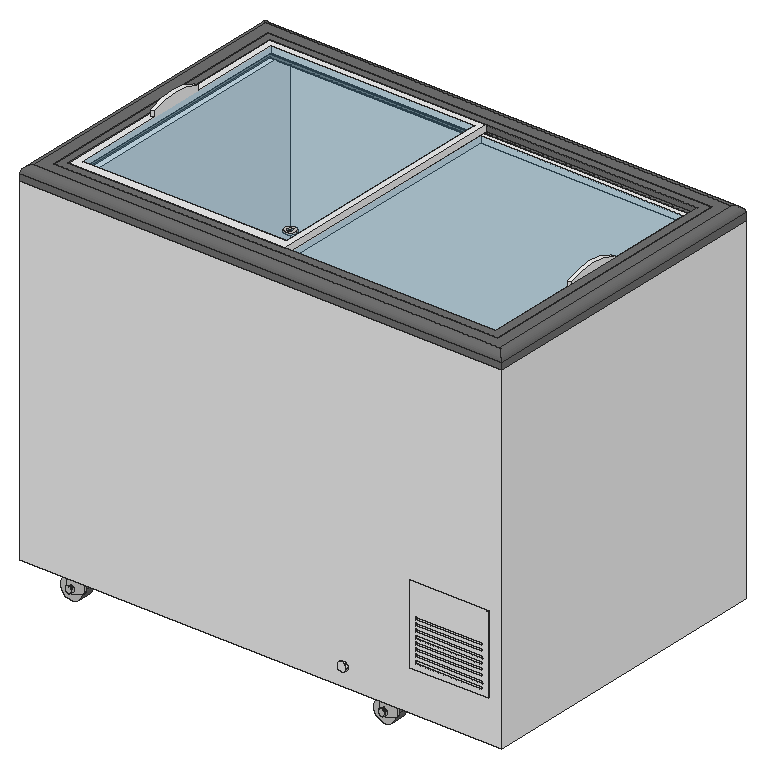
Revit family "Qf_Summit_NOVA35_11.7 Cu.Ft. Chest Freezer", category Specialty Equipment, Revit 2020
Family settings
  Round Connector Dimension = Use Diameter
  Part Type = Normal
  Work Plane-Based = No
  Always vertical = Yes
  Cut with Voids When Loaded = No
  Shared = No
  Room Calculation Point = No
Parameters
  Weight in Pounds = 132
  Watts = FL Amps * Volts  # 828 W
  Volts = 115 V
  URL Cutsheet = ""
  Specification by User = ""
  Specification by Manufacturer = ""
  Show Clearance [instance] = yes
  Serial Number = ""
  Seismic Rating = ""
  SMACNA No = ""
  Revision Code = ""
  Refrigerant Volume = 0.00 kip
  Refrigerant Type = "R290a"
  Phase = 1
  Number of Poles = 1
  NAFEM Spec ID Number = ""
  Model = "NOVA35"
  Min Ckt Ampacity = 0 A
  Max Overcurrent Protection = 0 A
  Masterspec = ""
  Manufacturer = "Summit"
  Length = 43"
  Item Number = ""
  Installed By = ""
  Identify Quantity as Lot = yes
  Height = 34 1/4"
  HP = ""
  Furnished By = ""
  Foodservice Equipment Identifier = yes
  FL Amps = 7.2 A
  Electrical Remarks = ""
  Electric Connection Type = ""
  Elec Conn RI Height = 0"
  Elec Conn Connection Height = 0"
  Description = "11.7 Cu.Ft. Chest Freezer"
  Depth = 27 1/4"
  Default Elevation = 0"
  Cycle = 60 Hz
  Conn Plug = ""
  Conn Conduit = yes
  CSI MasterFormat = ""
  Apparent Power = 828 VA
Reference planes (in)
  plane 1: z = 0
  plane 2 "LEFT": x = 0
  plane 3 "RIGHT": x = 43
  plane 4 "FRONT": y = -28
  plane 5 "TOP": z = 34.25
  plane 6 "Center Y": x = 21.5
  plane 7 "Center X": y = -14.375
  plane 8 "BACK": y = -0.75
  plane 9: z = 2.75
  plane 10: x = 0.75
  plane 11: x = 3.71343
  plane 12: x = 31.6875
  plane 13: x = 39.825
  plane 14: x = 31.95
  plane 15: x = 32
  plane 16: z = 5.87258
  plane 17: z = 15.62258
  plane 18: x = 3.125
  plane 19: x = 39.875
Forms (in)
  Sweep 1, solid, material "QF_Plastic_Dark_Grey"
    path origin (0, 0, 0) x (1, 0, 0) y (0, 1, 0)
      loop
        line (0, -0.75) -> (0, -28) -> (43, -28) -> (43, -0.75) -> (0, -0.75)
    profile origin (0, -14.375, 0) x (1, 0, 0) y (0, 0, 1)
      loop
        line (0, 33) -> (1.7, 33) -> (1.7, 34.25) -> (0.75, 34.25) -> (0.67874, 34.25)
        arc (0.67874, 34.25) -> (0.1988, 34.0512) -> (0, 33.57126) r 0.67874
        line (0, 33.57126) -> (0, 33)
  Extrusion 2, solid, material "QF_Metallic_Paint_White_Smooth"
    sketch origin (0, 0, 0) x (1, 0, 0) y (0, 1, 0)
      loop
        line (3.125, -27) -> (39.875, -27) -> (39.875, -1.75) -> (3.125, -1.75) -> (3.125, -27)
      loop
        line (43, -0.75) -> (0, -0.75) -> (0, -28) -> (43, -28) -> (43, -0.75)
    from 2.75 to 33
  Extrusion 3, solid, material "QF_Metallic_Paint_White_Smooth"
    sketch origin (0, 0, 0) x (1, 0, 0) y (0, 1, 0)
      loop
        line (2.4, -3.15) -> (2.4, -25.6) -> (21.75, -25.6) -> (21.75, -3.15) -> (2.4, -3.15)
      loop
        line (3.075, -3.8) -> (3.075, -24.8) -> (21.25, -24.8) -> (21.25, -3.8) -> (3.075, -3.8)
    from 33.70906 to 34.25
  Extrusion 4, solid, material "Glass"
    sketch origin (0, 0, 0) x (1, 0, 0) y (0, 1, 0)
      loop
        line (3.075, -3.8) -> (3.075, -24.8) -> (21.25, -24.8) -> (21.25, -3.8) -> (3.075, -3.8)
    from 33.63932 to 34.25
  Extrusion 5, solid, material "QF_Metallic_Paint_White_Smooth"
    sketch origin (0, -0.75, 0) x (1, 0, 0) y (0, 0, 1)
      loop
        line (1, 5.63) -> (1, 2.75) -> (42, 2.75) -> (42, 15.62258) -> (32, 15.62258) -> (32, 5.63) -> (1, 5.63)
    from 1 to 26.25
  Sweep 6, solid, material "QF_Plastic_Dark_Grey"
    path origin (30, 0, 34.27864) x (-1, 0, 0) y (0, -1, 0)
      loop
        line (27.7, 3.05) -> (27.7, 25.7) -> (-10.7, 25.7) -> (-10.7, 3.05) -> (27.7, 3.05)
    profile origin (21.5, -3.05, 34.27864) x (0, 1, 0) y (0, 0, 1)
      loop
        line (-0.1, -0.02864) -> (-0.1, -0.56958) -> (-0.33757, -0.56958) -> (-0.33757, -0.63932) -> (-0.1, -0.63932) -> (-0.1, -1.18026) -> (-0.33757, -1.18026) -> (-0.33757, -1.27864) -> (0.6, -1.27864) -> (0.6, -0.02864) -> (-0.1, -0.02864)
  Extrusion 7, solid, material "QF_Metallic_Paint_White_Smooth"
    sketch origin (30, 0, -0.61068) x (-1, 0, 0) y (0, -1, 0)
      loop
        line (-10.6, 3.15) -> (8.75, 3.15) -> (8.75, 25.45) -> (-10.6, 25.45) -> (-10.6, 3.15)
      loop
        line (-9.925, 3.8) -> (8.25, 3.8) -> (8.25, 24.8) -> (-9.925, 24.8) -> (-9.925, 3.8)
    from 33.70906 to 34.25
  Extrusion 8, solid, material "Glass"
    sketch origin (30, 0, -0.61068) x (-1, 0, 0) y (0, -1, 0)
      loop
        line (-9.925, 3.8) -> (8.25, 3.8) -> (8.25, 24.8) -> (-9.925, 24.8) -> (-9.925, 3.8)
    from 33.70906 to 34.25
  Extrusion 9, solid, material "QF_Metallic_Paint_White_Smooth"
    sketch origin (23.88, 0, 0) x (0, 1, 0) y (0, 0, 1)
      loop
        line (-16.73455, 34.25) -> (-12.01545, 34.25) -> (-12.01545, 34.75)
        arc (-12.01545, 34.75) -> (-14.375, 35.25) -> (-16.73455, 34.75) r 5.8175
        line (-16.73455, 34.75) -> (-16.73455, 34.25)
    from -21.16873 to -20.805
  Extrusion 10, solid, material "QF_Metallic_Paint_White_Smooth"
    sketch origin (6.12, 0, -0.61068) x (0, 1, 0) y (0, 0, -1)
      loop
        line (-16.73455, -34.25) -> (-16.73455, -34.75)
        arc (-16.73455, -34.75) -> (-14.375, -35.25) -> (-12.01545, -34.75) r 5.8175
        line (-12.01545, -34.75) -> (-12.01545, -34.25) -> (-16.73455, -34.25)
    from -34.16873 to -33.805
  Extrusion 11, solid, material "QF_Metallic_Paint_White_Smooth"
    sketch origin (0, -28, 0) x (1, 0, 0) y (0, 0, 1)
      loop
        line (34.875, 13.375) -> (34.875, 6.375) -> (41.875, 6.375) -> (41.875, 13.375) -> (34.875, 13.375)
      loop
        line (35.375, 10.625) -> (35.375, 10.375) -> (41.375, 10.375) -> (41.375, 10.625) -> (35.375, 10.625)
      loop
        line (41.375, 10.125) -> (35.375, 10.125) -> (35.375, 9.875) -> (41.375, 9.875) -> (41.375, 10.125)
      loop
        line (35.375, 9.625) -> (35.375, 9.375) -> (41.375, 9.375) -> (41.375, 9.625) -> (35.375, 9.625)
      loop
        line (41.375, 9.125) -> (35.375, 9.125) -> (35.375, 8.875) -> (41.375, 8.875) -> (41.375, 9.125)
      loop
        line (35.375, 8.625) -> (35.375, 8.375) -> (41.375, 8.375) -> (41.375, 8.625) -> (35.375, 8.625)
      loop
        line (41.375, 8.125) -> (35.375, 8.125) -> (35.375, 7.875) -> (41.375, 7.875) -> (41.375, 8.125)
      loop
        line (35.375, 7.625) -> (35.375, 7.375) -> (41.375, 7.375) -> (41.375, 7.625) -> (35.375, 7.625)
      loop
        line (41.375, 7.125) -> (35.375, 7.125) -> (35.375, 6.875) -> (41.375, 6.875) -> (41.375, 7.125)
    from 0 to 0.03125
  Extrusion 12, solid, material "QF_Metallic_Paint_White_Smooth"
    sketch origin (0, -0.75, 0) x (1, 0, 0) y (0, 0, 1)
      loop
        circle (40, 5.375) r 0.25
    from 0 to -0.23344
  Extrusion 13, solid, material "QF_Metallic_Paint_White_Smooth"
    sketch origin (0, -28, 0) x (1, 0, 0) y (0, 0, 1)
      loop
        circle (28.875, 4.375) r 0.40028
    from 0 to 0.15886
  Extrusion 14, solid, material "QF_Metal - Stainless - Polished"
    sketch origin (0.07561, 0.09001, 34.25) x (1, 0, 0) y (0, 1, 0)
      loop
        circle (20.42439, -23.52751) r 0.5
      loop
        circle (20.42439, -23.52751) r 0.25
      loop
        arc (20.45564, -23.57767) -> (20.42439, -23.46841) -> (20.39314, -23.57767) r 0.0591
        line (20.39314, -23.57767) -> (20.39314, -23.72445)
        arc (20.39314, -23.72445) -> (20.42439, -23.7557) -> (20.45564, -23.72445) r 0.03125
        line (20.45564, -23.72445) -> (20.45564, -23.57767)
    from 0.04239 to -0.05358
Cuts and joins
  joined: Extrusion 2, Extrusion 5, Extrusion 11, Extrusion 12
  joined: Extrusion 3, Extrusion 9
  joined: Extrusion 7, Extrusion 10
Lines and regions (in)
  Split face 1
    outline origin (34.875, -28.03125, 13.375) x (-1, 0, 0) y (0, 0, -1)
      loop
        arc (-2, 1.7125) -> (-2.02929, 1.78321) -> (-2.1, 1.8125) r 0.1
        line (-2.1, 1.8125) -> (-4.9, 1.8125)
        arc (-4.9, 1.8125) -> (-4.97071, 1.78321) -> (-5, 1.7125) r 0.1
        line (-5, 1.7125) -> (-5, 0.6)
        arc (-5, 0.6) -> (-4.97071, 0.52929) -> (-4.9, 0.5) r 0.1
        line (-4.9, 0.5) -> (-2.1, 0.5)
        arc (-2.1, 0.5) -> (-2.02929, 0.52929) -> (-2, 0.6) r 0.1
        line (-2, 0.6) -> (-2, 1.7125)
  Split face 2
    outline origin (34.875, -28.03125, 13.375) x (-1, 0, 0) y (0, 0, -1)
      loop
        line (-2.625, 0.6875) -> (-2.625, 1.375) -> (-4.374, 1.375) -> (-4.374, 0.6875) -> (-2.625, 0.6875)
  Split face 3
    outline origin (34.875, -28.03125, 13.375) x (-1, 0, 0) y (0, 0, -1)
      loop
        arc (-2.4061, 0.67406) -> (-2.3125, 0.54855) -> (-2.2189, 0.67406) r 0.09766
        arc (-2.2189, 0.67406) -> (-2.24545, 0.75668) -> (-2.26367, 0.84152) r 0.87424
        line (-2.26367, 0.84152) -> (-2.26974, 0.93917) -> (-2.35526, 0.93917) -> (-2.36133, 0.84152)
        arc (-2.36133, 0.84152) -> (-2.37955, 0.75668) -> (-2.4061, 0.67406) r 0.87424
  Split face 4
    outline origin (34.875, -28.03125, 13.375) x (-1, 0, 0) y (0, 0, -1)
      loop
        line (-4.59026, 0.82885) -> (-4.6875, 0.81322) -> (-4.78474, 0.82885) -> (-4.6875, 0.66041) -> (-4.59026, 0.82885)
  Split face 5
    outline origin (34.875, -28.03125, 13.375) x (-1, 0, 0) y (0, 0, -1)
      loop
        line (-4.6875, 1.09273) -> (-4.59026, 1.07711) -> (-4.6875, 1.24554) -> (-4.78474, 1.07711) -> (-4.6875, 1.09273)
  Split face 6
    outline origin (34.875, -28.03125, 13.375) x (-1, 0, 0) y (0, 0, -1)
      loop
        arc (-4.67187, 1.54954) -> (-4.6875, 1.73573) -> (-4.70312, 1.54954) r 0.09375
        line (-4.70312, 1.54954) -> (-4.70312, 1.48913) -> (-4.67187, 1.48913) -> (-4.67187, 1.54954)
  symbolic lines
    curve 1: line (0, -0.75, 0) -> (43, -0.75, 0)
    curve 2: line (0, -28, 0) -> (0, -0.75, 0)
    curve 3: line (43, -28, 0) -> (0, -28, 0)
    curve 4: line (43, -0.75, 0) -> (43, -28, 0)
    curve 5: line (41.3, -26.3, 0) -> (41.3, -2.45, 0)
    curve 6: line (1.7, -26.3, 0) -> (41.3, -26.3, 0)
    curve 7: line (1.7, -2.45, 0) -> (1.7, -26.3, 0)
    curve 8: line (41.3, -2.45, 0) -> (1.7, -2.45, 0)
    curve 9: line (41.3, -26.3, 0) -> (41.3, -2.45, 0)
    curve 10: line (39.925, -3.8, 0) -> (21.75, -3.8, 0)
    curve 11: line (3.075, -3.8, 0) -> (3.075, -24.8, 0)
    curve 12: line (3.075, -24.8, 0) -> (21.25, -24.8, 0)
    curve 13: line (39.925, -24.8, 0) -> (39.925, -3.8, 0)
    curve 14: line (21.75, -25.6, 0) -> (21.75, -3.15, 0)
    curve 15: line (21.25, -24.8, 0) -> (21.25, -3.8, 0)
    curve 16: line (2.4, -3.15, 0) -> (2.4, -25.6, 0)
    curve 17: line (2.4, -25.6, 0) -> (40.6, -25.6, 0)
    curve 18: line (40.6, -25.6, 0) -> (40.6, -3.15, 0)
    curve 19: line (40.6, -3.15, 0) -> (2.4, -3.15, 0)
    curve 20: arc (21, -23.4375, 0) -> (20.5, -22.9375, 0) -> (20, -23.4375, 0) r 0.5
    curve 21: arc (20.25, -23.4375, 0) -> (20.5, -23.1875, 0) -> (20.75, -23.4375, 0) r 0.25
    curve 22: arc (20, -23.4375, 0) -> (20.5, -23.9375, 0) -> (21, -23.4375, 0) r 0.5
    curve 23: arc (20.75, -23.4375, 0) -> (20.5, -23.6875, 0) -> (20.25, -23.4375, 0) r 0.25
    curve 24: line (20.46875, -23.48766, 0) -> (20.46875, -23.63444, 0)
    curve 25: arc (20.46875, -23.63444, 0) -> (20.5, -23.66569, 0) -> (20.53125, -23.63444, 0) r 0.03125
    curve 26: line (20.53125, -23.63444, 0) -> (20.53125, -23.48766, 0)
    curve 27: arc (20.53125, -23.48766, 0) -> (20.5, -23.3784, 0) -> (20.46875, -23.48766, 0) r 0.0591
    curve 28: line (40.28873, -12.01545, 0) -> (39.925, -12.01545, 0)
    curve 29: line (39.925, -12.01545, 0) -> (39.925, -16.73455, 0)
    curve 30: line (39.925, -16.73455, 0) -> (40.28873, -16.73455, 0)
    curve 31: line (2.71127, -12.01545, 0) -> (2.71127, -16.73455, 0)
    curve 32: line (2.71127, -16.73455, 0) -> (3.075, -16.73455, 0)
    curve 33: line (3.075, -16.73455, 0) -> (3.075, -12.01545, 0)
    curve 34: line (3.075, -12.01545, 0) -> (2.71127, -12.01545, 0)
    curve 35: line (42, -1.75, 0) -> (1, -1.75, 0)
    curve 36: line (1, -1.75, 0) -> (1, -27, 0)
    curve 37: line (1, -27, 0) -> (42, -27, 0)
    curve 38: line (42, -1.75, 0) -> (42, -27, 0)
    curve 39: line (21.25, -3.8, 0) -> (3.075, -3.8, 0)
    curve 40: line (21.75, -24.8, 0) -> (39.925, -24.8, 0)
    curve 41: line (40.28873, -12.01545, 0) -> (40.28873, -16.73455, 0)
    curve 42: line (32, -3.8, 0) -> (32, -24.8, 0)
Dimensions and locks (in)
  equal spacing: plane 2 "LEFT", plane 6 "Center Y", plane 3 "RIGHT"
  "Length": plane 2 "LEFT" to plane 3 "RIGHT"
  equal spacing: plane 4 "FRONT", plane 7 "Center X", plane 8 "BACK"
  "Height": plane 5 "TOP" to level
  plane 3 "RIGHT" to plane 2 "LEFT" = 43"
  plane 5 "TOP" to level = 34 1/4"  (x2)
  "Depth": plane 4 "FRONT" to plane 8 "BACK"
  plane 9 to level = 2 3/4"
  locked: plane 11 to plane 2 "LEFT" at 3.71343
  locked: plane 3 "RIGHT" to plane 12 at 11.3125
  curve 39 to curve 12 = 21"
  plane 5 "TOP" to cut or joined group of Extrusion 2, Extrusion 5, Extrusion 11, Extrusion 12 = 31 1/2"
  Extrusion 2 sketch curve to plane 3 "RIGHT" = 3 1/8"
  Extrusion 5 sketch curve to plane 13 = 7.825"
  locked: Extrusion 5 sketch curve to plane 3 "RIGHT" at 1
  locked: Sweep 6 sketch curve to plane 3 "RIGHT" at 2.3
  Extrusion 3 sketch curve to plane 6 "Center Y" to Extrusion 3 sketch curve = 1/4" locked, 1/4" locked
  cut or joined group of Extrusion 7, Extrusion 10 to cut or joined group of Extrusion 7, Extrusion 10 to cut or joined group of Extrusion 7, Extrusion 10 to plane 3 "RIGHT" = 0" locked, 0.36373", 2.71127"
  plane 16 to level = 5.87258"
  plane 18 to plane 19 = 36 3/4"
  plane 19 to plane 15 = 7 7/8"
  plane 17 to plane 16 = 9 3/4"
  aligned and locked: level to plane 1
  aligned and locked: nested 1 to plane 11
  aligned and locked: nested 2 to plane 11
  aligned and locked: nested 3 to plane 12
  aligned and locked: nested 4 to plane 12
  aligned and locked: Extrusion 3 to Extrusion 4  (x3)
  aligned and locked: Extrusion 8 to Extrusion 7  (x3)
  aligned and locked: Extrusion 2 sketch curve to plane 3 "RIGHT"
  aligned and locked: Sweep 1 sketch curve to plane 3 "RIGHT"
  aligned and locked: cut or joined group of Extrusion 7, Extrusion 10 to cut or joined group of Extrusion 7, Extrusion 10
Automatic sketch dimensions
  Extrusion 9 sketch curve to plane 5 "TOP" = 0"
  Extrusion 9 sketch curve to plane 7 "Center X" = 0"
  Extrusion 9 sketch curve to plane 7 "Center X" = 2.35955"
  plane 5 "TOP" to Extrusion 9 sketch curve = 1/2"
  plane 7 "Center X" to Extrusion 9 sketch curve = 2.35955"
  Extrusion 9 sketch curve to plane 5 "TOP" = 4.8175"
  Extrusion 10 sketch curve to plane 5 "TOP" = 0.61068"
  Extrusion 10 sketch curve to plane 7 "Center X" = 0"
  Extrusion 10 sketch curve to plane 7 "Center X" = 2.35955"
  Extrusion 10 sketch curve to plane 5 "TOP" = 0.11068"
  plane 7 "Center X" to Extrusion 10 sketch curve = 2.35955"
  Extrusion 10 sketch curve to plane 5 "TOP" = 5.42818"
  Extrusion 5 sketch curve to plane 9 = 0"
  Extrusion 5 sketch curve to Extrusion 5 sketch curve = 2.88"
  Extrusion 5 sketch curve to Extrusion 5 sketch curve = 9.99258"
  Sweep 1 sketch curve to plane 2 "LEFT" = 0"
  plane 4 "FRONT" to Sweep 1 sketch curve = 0"
  plane 8 "BACK" to Sweep 1 sketch curve = 0"
  profile plane to Sweep 1 sketch curve = 0"
  plane 10 to Sweep 1 sketch curve = 0"
  Sweep 1 sketch curve to Sweep 1 sketch curve = 0.07126"
  Sweep 1 sketch curve to plane 10 = 0.95"
  level to Sweep 1 sketch curve = 33"
  Sweep 1 sketch curve to Sweep 1 sketch curve = 0.57126"
  Extrusion 2 sketch curve to plane 2 "LEFT" = 0"
  plane 4 "FRONT" to Extrusion 2 sketch curve = 0"
  plane 8 "BACK" to Extrusion 2 sketch curve = 0"
  Extrusion 2 sketch curve to plane 4 "FRONT" = 1"
  plane 8 "BACK" to Extrusion 2 sketch curve = 1"
  Extrusion 3 sketch curve to plane 11 = 0.63843"
  Extrusion 3 sketch curve to plane 4 "FRONT" = 2.4"
  Extrusion 3 sketch curve to Extrusion 3 sketch curve = 0.8"
  plane 8 "BACK" to Extrusion 3 sketch curve = 3.05"
  Extrusion 3 sketch curve to Extrusion 3 sketch curve = 0.65"
  Extrusion 4 sketch curve to plane 11 = 0.63843"
  Extrusion 4 sketch curve to plane 6 "Center Y" = 1/4"
  Extrusion 4 sketch curve to plane 4 "FRONT" = 3.2"
  plane 8 "BACK" to Extrusion 4 sketch curve = 3.05"
  plane 8 "BACK" to Sweep 6 sketch curve = 2.3"
  Sweep 6 sketch curve to plane 4 "FRONT" = 2.3"
  profile plane to Sweep 6 sketch curve = 0.33757"  (x2)
  profile plane to Sweep 6 sketch curve = 0.1"
  Sweep 6 sketch curve to Sweep 6 sketch curve = 0"
  Sweep 6 sketch curve to profile plane = 0.02864"
  Sweep 6 sketch curve to profile plane = 0.6"
  Sweep 6 sketch curve to profile plane = 0.56958"
  Sweep 6 sketch curve to Sweep 6 sketch curve = 0.06974"
  Sweep 6 sketch curve to Sweep 6 sketch curve = 0.54094"
  Sweep 6 sketch curve to Sweep 6 sketch curve = 0.09838"
  Extrusion 7 sketch curve to Extrusion 7 sketch curve = 0.675"
  Extrusion 7 sketch curve to plane 6 "Center Y" = 1/4"
  plane 6 "Center Y" to Extrusion 7 sketch curve = 1/4"
  plane 4 "FRONT" to Extrusion 7 sketch curve = 2.55"
  Extrusion 7 sketch curve to Extrusion 7 sketch curve = 0.65"  (x2)
  Extrusion 7 sketch curve to plane 8 "BACK" = 3.05"
  Extrusion 8 sketch curve to plane 6 "Center Y" = 1/4"
  plane 4 "FRONT" to Extrusion 8 sketch curve = 3.2"
  Extrusion 8 sketch curve to plane 8 "BACK" = 3.05"
  Extrusion 11 sketch curve to Extrusion 11 sketch curve = 1/2"  (x4)
  Extrusion 11 sketch curve to Extrusion 11 sketch curve = 0"  (x13)
  Extrusion 11 sketch curve to Extrusion 11 sketch curve = 1/4"  (x15)
  Extrusion 11 sketch curve to Extrusion 11 sketch curve = 2 3/4"
  cut or joined group of Extrusion 2, Extrusion 5, Extrusion 11, Extrusion 12 to Split face 1 sketch curve = 1 1/2"
  Split face 1 sketch curve to Split face 1 sketch curve = 0.1"  (x3)
  Split face 1 sketch curve to cut or joined group of Extrusion 2, Extrusion 5, Extrusion 11, Extrusion 12 = 0.6"
  cut or joined group of Extrusion 2, Extrusion 5, Extrusion 11, Extrusion 12 to Split face 1 sketch curve = 1.6"
  Split face 1 sketch curve to Split face 1 sketch curve = 0"
  Split face 1 sketch curve to cut or joined group of Extrusion 2, Extrusion 5, Extrusion 11, Extrusion 12 = 1.0375"
  Split face 2 sketch curve to cut or joined group of Extrusion 2, Extrusion 5, Extrusion 11, Extrusion 12 = 11/16"
  cut or joined group of Extrusion 2, Extrusion 5, Extrusion 11, Extrusion 12 to Split face 2 sketch curve = 2.126"
  Split face 2 sketch curve to Split face 2 sketch curve = 1.749"
  Split face 2 sketch curve to Split face 2 sketch curve = 11/16"
  Split face 3 sketch curve to cut or joined group of Extrusion 2, Extrusion 5, Extrusion 11, Extrusion 12 = 0.98248"
  cut or joined group of Extrusion 2, Extrusion 5, Extrusion 11, Extrusion 12 to Split face 3 sketch curve = 2.72413"
  Split face 3 sketch curve to cut or joined group of Extrusion 2, Extrusion 5, Extrusion 11, Extrusion 12 = 0.84152"  (x2)
  Split face 3 sketch curve to Split face 3 sketch curve = 0.8628"
  Split face 3 sketch curve to Split face 3 sketch curve = 0.00606"
  Split face 3 sketch curve to Split face 3 sketch curve = 0.04883"
  Split face 3 sketch curve to Split face 3 sketch curve = 0.08553"
  Split face 3 sketch curve to Split face 3 sketch curve = 25/256"  (x2)
  Split face 3 sketch curve to Split face 3 sketch curve = 0.86886"
  Split face 3 sketch curve to Split face 3 sketch curve = 25/128"
  Split face 3 sketch curve to Split face 3 sketch curve = 0.04331"
  Split face 3 sketch curve to Split face 3 sketch curve = 0.0936"
  Split face 4 sketch curve to cut or joined group of Extrusion 2, Extrusion 5, Extrusion 11, Extrusion 12 = 0.82885"  (x2)
  cut or joined group of Extrusion 2, Extrusion 5, Extrusion 11, Extrusion 12 to Split face 4 sketch curve = 1.71526"
  Split face 4 sketch curve to cut or joined group of Extrusion 2, Extrusion 5, Extrusion 11, Extrusion 12 = 0.66041"
  Split face 4 sketch curve to Split face 4 sketch curve = 0.09724"  (x3)
  Split face 4 sketch curve to cut or joined group of Extrusion 2, Extrusion 5, Extrusion 11, Extrusion 12 = 0.81322"
  cut or joined group of Extrusion 2, Extrusion 5, Extrusion 11, Extrusion 12 to Split face 5 sketch curve = 1.71526"
  Split face 5 sketch curve to Split face 5 sketch curve = 0.09724"  (x2)
  Split face 5 sketch curve to Split face 5 sketch curve = 0"  (x2)
  Split face 5 sketch curve to cut or joined group of Extrusion 2, Extrusion 5, Extrusion 11, Extrusion 12 = 1.07711"
  Split face 5 sketch curve to Split face 5 sketch curve = 1/64"
  Split face 5 sketch curve to Split face 5 sketch curve = 0.15281"
  cut or joined group of Extrusion 2, Extrusion 5, Extrusion 11, Extrusion 12 to Split face 6 sketch curve = 1 51/64"
  Split face 6 sketch curve to Split face 6 sketch curve = 1/64"
  Split face 6 sketch curve to Split face 6 sketch curve = 1/32"
  Split face 6 sketch curve to cut or joined group of Extrusion 2, Extrusion 5, Extrusion 11, Extrusion 12 = 1.26087"
  Split face 6 sketch curve to Split face 6 sketch curve = 0.06041"
  Split face 6 sketch curve to Split face 6 sketch curve = 0.09244"
  Extrusion 12 sketch curve to plane 9 = 2 5/8"
  Extrusion 14 sketch curve to Extrusion 14 sketch curve = 0"  (x6)
  Extrusion 14 sketch curve to Extrusion 4 = 25/32"
  Extrusion 14 sketch curve to Extrusion 14 sketch curve = 1/32"  (x2)
  Extrusion 14 sketch curve to Extrusion 4 = 1.16556"
  Extrusion 14 sketch curve to Extrusion 14 sketch curve = 0.14678"
  Extrusion 14 sketch curve to Extrusion 14 sketch curve = 0.05016"
  plane 2 "LEFT" to Extrusion 2 sketch curve = 3 1/8"
  plane 2 "LEFT" to Extrusion 5 sketch curve = 1"
  Extrusion 7 sketch curve to plane 3 "RIGHT" = 3.075"
  Extrusion 8 sketch curve to plane 3 "RIGHT" = 3.075"
  plane 3 "RIGHT" to Extrusion 12 sketch curve = 3"
  Extrusion 3 sketch curve to Extrusion 3 sketch curve = 0.675"
  Sweep 6 sketch curve to plane 11 = 1.41343"
  plane 16 to Extrusion 11 sketch curve = 0.50242"
  plane 15 to Extrusion 11 sketch curve = 2 7/8"
  plane 19 to Extrusion 11 sketch curve = 1 1/2"
  curve 20 to curve 21 = 0"
  curve 20 to curve 23 = 0"
  curve 20 to curve 27 = 0"
  curve 21 to curve 27 = 0"
  curve 3 to plane 2 "LEFT" = 0"
  curve 42 to plane 15 = 0"
  curve 4 to plane 3 "RIGHT" = 0"
  plane 4 "FRONT" to curve 4 = 0"
  plane 8 "BACK" to curve 2 = 0"
  plane 2 "LEFT" to curve 37 = 1"
  curve 35 to curve 8 = 0.7"
  plane 18 to curve 16 = 0.725"
  plane 18 to curve 31 = 0.41373"
  plane 18 to curve 39 = 0.05"
  plane 18 to curve 32 = 0.05"
  curve 24 to plane 6 "Center Y" = 1 1/32"
  curve 24 to curve 25 = 1/32"
  curve 27 to curve 27 = 1/32"
  curve 15 to plane 6 "Center Y" = 1/4"
  plane 19 to curve 13 = 0.05"
  plane 19 to curve 28 = 0.05"
  curve 28 to curve 41 = 0.36373"
  plane 19 to curve 19 = 0.725"
  curve 18 to curve 9 = 0.7"
  curve 5 to curve 38 = 0.7"
  curve 37 to plane 4 "FRONT" = 1"
  curve 36 to curve 7 = 0.7"
  curve 6 to curve 16 = 0.7"
  curve 17 to curve 40 = 0.8"
  curve 15 to curve 40 = 0"
  curve 12 to curve 26 = 1.16556"
  curve 25 to curve 24 = 0.14678"
  curve 27 to curve 27 = 0.05016"
  curve 32 to plane 7 "Center X" = 2.35955"
  curve 41 to plane 7 "Center X" = 2.35955"
  plane 7 "Center X" to curve 34 = 2.35955"
  plane 7 "Center X" to curve 41 = 2.35955"
  plane 8 "BACK" to curve 10 = 3.05"
  curve 10 to curve 18 = 0.65"
  curve 16 to curve 7 = 0.7"
  curve 7 to curve 35 = 0.7"
  curve 22 to curve 24 = 15/32"
  curve 23 to curve 24 = 7/32"
  plane 6 "Center Y" to curve 10 = 1/4"
  radius of Extrusion 12 sketch curve = 1/4"
  radius of Extrusion 14 sketch curve = 1/2"
  radius of Extrusion 14 sketch curve = 1/4"
Nested families (in)
  nested 1: "2-34 INCHES_CASTER" at (3.71343, -25.875, 0) x (0, -1, 0) z (0, 0, 1), type "2-34 INCHES_CASTER"
    with Type Mark "", Specification by User "", Show 4.25" Casters yes, Right Lock yes, Revision Code "", Left Lock yes, Item Number "", Installed By "", Identify Quantity as Lot yes, Furnished By "", Foodservice Equipment Identifier yes
  nested 2: "2-34 INCHES_CASTER" at (3.71343, -2.875, 0) x (0, -1, 0) z (0, 0, 1), type "2-34 INCHES_CASTER"
    with Type Mark "", Specification by User "", Show 4.25" Casters yes, Right Lock yes, Revision Code "", Left Lock yes, Item Number "", Installed By "", Identify Quantity as Lot yes, Furnished By "", Foodservice Equipment Identifier yes
  nested 3: "2-34 INCHES_CASTER" at (31.6875, -25.875, 0) x (0, -1, 0) z (0, 0, 1), type "2-34 INCHES_CASTER"
    with Type Mark "", Specification by User "", Show 4.25" Casters yes, Right Lock yes, Revision Code "", Left Lock yes, Item Number "", Installed By "", Identify Quantity as Lot yes, Furnished By "", Foodservice Equipment Identifier yes
  nested 4: "2-34 INCHES_CASTER" at (31.6875, -2.875, 0) x (0, -1, 0) z (0, 0, 1), type "2-34 INCHES_CASTER"
    with Type Mark "", Specification by User "", Show 4.25" Casters yes, Right Lock yes, Revision Code "", Left Lock yes, Item Number "", Installed By "", Identify Quantity as Lot yes, Furnished By "", Foodservice Equipment Identifier yes
Connectors (in)
  electrical at (40, -0.51656, 5.375)
    settings: on cut or joined group of Extrusion 2, Extrusion 5, Extrusion 11, Extrusion 12, index 1, voltage 0 V, apparent load 0 VA, apparent load phase1 0 VA, apparent load phase2 0 VA, apparent load phase3 0 VA, power factor 1, load classification "Other", number of poles 1, system type 31, power factor state 1, is connector primary yes, connector utility no, sub classification motor no, connector description ""
  piping at (28.875, -28.15886, 4.375), diameter 0.75
    settings: on Extrusion 13, index 2, connector inside diameter 24", connector length 0", flow factor 0, pipe flow 0 GPM, pressure drop 0.00 psi, fitting loss kfactor 0, connector angle 0.00°, fixture units 0, engagement length 0", angle of deflection 0.00°, flow configuration 1, flow direction 2, fitting loss method 0, system type 16, joint type 0, gender type 0, connector reference index -1, connector utility 0, adjustable connector no, is connector primary yes, connector description "Drain"
Definition of nested family "2-34 INCHES_CASTER"
  Parameters (values of type "2-34 INCHES_CASTER")
    Weight = ""
    URL Manufacturer = ""
    URL Cutsheet = ""
    URL = ""
    Type Mark [instance] = ""
    Specification by User [instance] = ""
    Specification by Manufacturer = ""
    Show 4.25" Casters [instance] = yes
    Serial Number = ""
    Seismic Rating = ""
    SMACNA No = ""
    Right Lock [instance] = yes
    Revision Code [instance] = ""
    Omniclass Number and Title = ""
    NAFEM Spec ID Number = ""
    Model = ""
    MasterSpec. = ""
    Manufacturer = ""
    Left Lock [instance] = yes
    Item Number [instance] = ""
    Installed By [instance] = ""
    Identify Quantity as Lot [instance] = yes
    Furnished By [instance] = ""
    Foodservice Equipment Identifier [instance] = yes
    Description = ""
    Default Elevation = 0"
    CSI MasterFormat = ""
    CSI Master Format = ""
    Assembly Code = ""
  Reference planes (in)
    plane 1: z = 0
    plane 2 "RIGHT": x = 0
    plane 3 "FRONT": y = 0
    plane 4 "TOP": z = 2.74
    plane 5: z = 2.74
  Forms (in)
    Extrusion 1, solid, visible <- "Show 4.25" Casters"
      sketch origin (-0.60795, -3.50665, 0) x (0, 1, 0) y (0, 0, 1)
        loop
          arc (4.4375, 2.09375) -> (4.42835, 2.11585) -> (4.40625, 2.125) r 0.03125
          line (4.40625, 2.125) -> (4.34375, 2.125)
          arc (4.34375, 2.125) -> (4.32165, 2.13415) -> (4.3125, 2.15625) r 0.03125
          line (4.3125, 2.15625) -> (4.3125, 2.59375)
          arc (4.3125, 2.59375) -> (4.32165, 2.61585) -> (4.34375, 2.625) r 0.03125
          line (4.34375, 2.625) -> (4.625, 2.625) -> (4.625, 2.75) -> (2.625, 2.75) -> (2.625, 2.625) -> (2.90625, 2.625)
          arc (2.90625, 2.625) -> (2.92835, 2.61585) -> (2.9375, 2.59375) r 0.03125
          line (2.9375, 2.59375) -> (2.9375, 2.15625)
          arc (2.9375, 2.15625) -> (2.92835, 2.13415) -> (2.90625, 2.125) r 0.03125
          line (2.90625, 2.125) -> (2.84375, 2.125)
          arc (2.84375, 2.125) -> (2.82165, 2.11585) -> (2.8125, 2.09375) r 0.03125
          line (2.8125, 2.09375) -> (2.8125, 0.75)
          arc (2.8125, 0.75) -> (2.84911, 0.66161) -> (2.9375, 0.625) r 0.125
          line (2.9375, 0.625) -> (3.3125, 0.625) -> (4.35203, 0.97151)
          arc (4.35203, 0.97151) -> (4.41391, 1.01701) -> (4.4375, 1.09009) r 0.125
          line (4.4375, 1.09009) -> (4.4375, 2.09375)
      from 0 to -0.09291
    Extrusion 2, solid, visible <- "Show 4.25" Casters"
      sketch origin (-0.60795, -3.50665, 0) x (0, 1, 0) y (0, 0, 1)
        loop
          line (4.625, 2.75) -> (2.625, 2.75) -> (2.625, 2.625) -> (4.625, 2.625) -> (4.625, 2.75)
      from 0 to 1.2159
    Extrusion 3, solid, visible <- "Show 4.25" Casters"
      sketch origin (-0.60795, -3.50665, 0) x (0, 1, 0) y (0, 0, 1)
        loop
          line (3.46896, 1.1625) -> (3.1875, 1.325) -> (2.90604, 1.1625) -> (2.90604, 0.8375) -> (3.1875, 0.675) -> (3.46896, 0.8375) -> (3.46896, 1.1625)
      from -0.27106 to -0.09291
    Extrusion 4, solid, visible <- "Show 4.25" Casters"
      sketch origin (-0.60795, -3.50665, 0) x (0, 1, 0) y (0, 0, 1)
        loop
          circle (3.1875, 1) r 0.28146
      from -0.31535 to 1.53554
    Extrusion 5, solid, visible <- "Show 4.25" Casters"
      sketch origin (-0.60795, -3.50665, 0) x (0, 1, 0) y (0, 0, 1)
        loop
          circle (3.1875, 1) r 1
      from 0.03554 to 1.18465
    Extrusion 6, solid, visible <- "Show 4.25" Casters"
      sketch origin (-0.60795, -3.50665, 0) x (0, 1, 0) y (0, 0, 1)
        loop
          line (2.90625, 2.125) -> (2.84375, 2.125)
          arc (2.84375, 2.125) -> (2.82165, 2.11585) -> (2.8125, 2.09375) r 0.03125
          line (2.8125, 2.09375) -> (4.4375, 2.09375)
          arc (4.4375, 2.09375) -> (4.42835, 2.11585) -> (4.40625, 2.125) r 0.03125
          line (4.40625, 2.125) -> (4.34375, 2.125)
          arc (4.34375, 2.125) -> (4.32165, 2.13415) -> (4.3125, 2.15625) r 0.03125
          line (4.3125, 2.15625) -> (4.3125, 2.59375)
          arc (4.3125, 2.59375) -> (4.32165, 2.61585) -> (4.34375, 2.625) r 0.03125
          line (4.34375, 2.625) -> (2.90625, 2.625)
          arc (2.90625, 2.625) -> (2.92835, 2.61585) -> (2.9375, 2.59375) r 0.03125
          line (2.9375, 2.59375) -> (2.9375, 2.15625)
          arc (2.9375, 2.15625) -> (2.92835, 2.13415) -> (2.90625, 2.125) r 0.03125
      from 0 to 1.2159
    Extrusion 7, solid, visible <- "Show 4.25" Casters"
      sketch origin (0.60795, -3.50665, 0) x (0, 1, 0) y (0, 0, -1)
        loop
          line (4.4375, -2.09375) -> (4.4375, -1.09009)
          arc (4.4375, -1.09009) -> (4.41391, -1.01701) -> (4.35203, -0.97151) r 0.125
          line (4.35203, -0.97151) -> (3.3125, -0.625) -> (2.9375, -0.625)
          arc (2.9375, -0.625) -> (2.84911, -0.66161) -> (2.8125, -0.75) r 0.125
          line (2.8125, -0.75) -> (2.8125, -2.09375)
          arc (2.8125, -2.09375) -> (2.82165, -2.11585) -> (2.84375, -2.125) r 0.03125
          line (2.84375, -2.125) -> (2.90625, -2.125)
          arc (2.90625, -2.125) -> (2.92835, -2.13415) -> (2.9375, -2.15625) r 0.03125
          line (2.9375, -2.15625) -> (2.9375, -2.59375)
          arc (2.9375, -2.59375) -> (2.92835, -2.61585) -> (2.90625, -2.625) r 0.03125
          line (2.90625, -2.625) -> (2.625, -2.625) -> (2.625, -2.75) -> (4.625, -2.75) -> (4.625, -2.625) -> (4.34375, -2.625)
          arc (4.34375, -2.625) -> (4.32165, -2.61585) -> (4.3125, -2.59375) r 0.03125
          line (4.3125, -2.59375) -> (4.3125, -2.15625)
          arc (4.3125, -2.15625) -> (4.32165, -2.13415) -> (4.34375, -2.125) r 0.03125
          line (4.34375, -2.125) -> (4.40625, -2.125)
          arc (4.40625, -2.125) -> (4.42835, -2.11585) -> (4.4375, -2.09375) r 0.03125
      from 0 to -0.09291
    Extrusion 8, solid, visible <- "Show 4.25" Casters"
      sketch origin (0.60795, -3.50665, 0) x (0, 1, 0) y (0, 0, -1)
        loop
          line (3.46896, -1.1625) -> (3.46896, -0.8375) -> (3.1875, -0.675) -> (2.90604, -0.8375) -> (2.90604, -1.1625) -> (3.1875, -1.325) -> (3.46896, -1.1625)
      from -0.27106 to -0.09291
  Cuts and joins
    joined: Extrusion 1, Extrusion 2, Extrusion 3, Extrusion 4, Extrusion 5, Extrusion 6, Extrusion 7, Extrusion 8
  Lines and regions (in)
    symbolic lines, visible <- "Show 4.25" Casters"
      curve 1: line (0.28481, 1.83041, 0) -> (1.24556, 1.27572, 0)
      curve 2: line (-1.26206, -0.84886, 0) -> (0.28481, 1.83041, 0)
      curve 3: line (-0.30132, -1.40355, 0) -> (-1.26206, -0.84886, 0)
      curve 4: line (1.24556, 1.27572, 0) -> (-0.30132, -1.40355, 0)
  Dimensions and locks (in)
    plane 4 "TOP" to level = 2.74"  (x2)
    aligned and locked: level to plane 1
    aligned and locked: Extrusion 6 to Extrusion 7
    aligned and locked: Extrusion 2 to Extrusion 7
